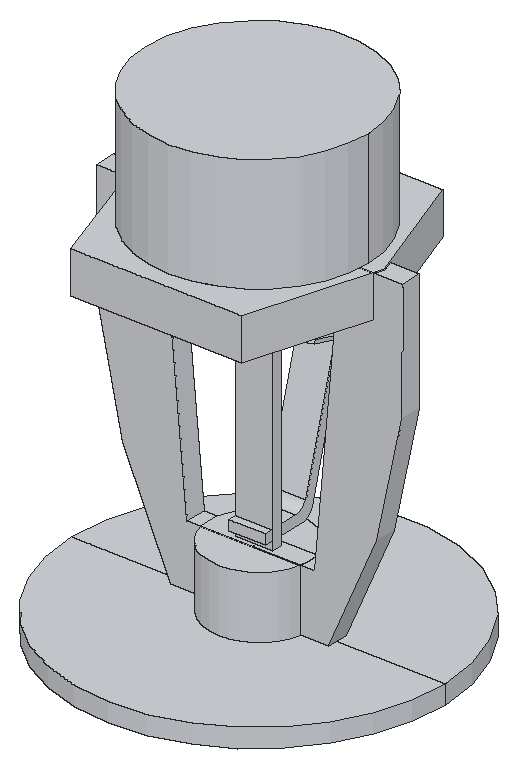
Revit family "P252", category Sprinklers, Revit 2022
Family settings
  Round Connector Dimension = Use Diameter
  Part Type = Normal
  OmniClass Number = 23.85.30.21
  OmniClass Title = Environmental Detection/Registration
  Work Plane-Based = No
  Always vertical = Yes
  Cut with Voids When Loaded = No
  Maintain Annotation Orientation = No
  Shared = No
  Room Calculation Point = No
Parameters (values of type "RASCO P25 ESFR PENDENT")
  Temperature Rating = 212 °F
  Response = Quick
  RASCO SIN # = "R602"
  RASCO Part # = "P252"
  Pressure Rating = "175 PSI"
  Pressure Class = Standard
  Orifice Size = 1"
  Orifice = Standard
  Model = "P25"
  Manufacturer = "RASCO"
  K-Factor = 25.2
  Description = "BRONZE FINISH"
  Default Elevation = 0' - 0"
  Coverage = Standard
Reference planes (in)
  plane 1 "Center (Front/Back)": y = 0
  plane 2: z = 0
  plane 3 "Center (Left/Right)": x = 0
Nested families (in)
  nested 1: "RASCO- P252" at (0.04986, -0.33503, 3.7699) x (-1, 0, 0) z (0, 0, -1), type "RASCO P25 ESFR PENDENT"
Connectors (in)
  piping at (0.04986, -0.33503, 3.7699), diameter 1.375
    settings: on nested 1, index 1, connector inside diameter 1 3/8", connector length 0' - 0", flow factor 0, pipe flow 0 GPM, pressure drop 0.00 psi, fitting loss kfactor 0, connector angle 0.00°, fixture units 0, engagement length 0' - 0", angle of deflection 0.00°, flow configuration 0, flow direction 0, fitting loss method 0, system type 7, joint type 0, gender type 0, connector reference index -1, connector utility 0, adjustable connector no, is connector primary yes, connector description ""
Definition of nested family "RASCO- P252"
  Parameters (values of type "RASCO P22 ESFR PENDENT")
    Type Comments = ""
    Temperature Rating = 0 °F
    Response = (empty or 0)
    Pressure Rating = "0"
    Pressure Class = (empty or 0)
    Orifice Size = 0"
    Orifice = (empty or 0)
    Model = ""
    Manufacturer = ""
    K-Factor = 0
    Description = ""
    Default Elevation = 0' - 0"
    Coverage = (empty or 0)
    Assembly Code = ""
  Reference planes (in)
    plane 1 "Center (Front/Back)": y = 0
    plane 2: z = 0
    plane 3 "ref.2": z = 0.6875
    plane 4 "ref.3": z = 0.9375
    plane 5: x = -0.38065
    plane 6: x = 0.36935
    plane 7 "ref. side 1": y = 0.06402
    plane 8 "ref. side 2": y = -0.06098
    plane 9 "ref.4": z = 2.6
    plane 10 "ref.5": z = 2.875
    plane 11 "center": x = -0.00574
    plane 12 "clip": through (0, 0.52703, 1.36085) normal (0, 0.2756, -0.9613)
  Forms (in)
    Extrusion 1, solid
      sketch origin (0, 0, 0) x (1, 0, 0) y (0, 1, 0)
        loop
          circle (0, 0) r 0.659
      from 0 to 0.6875
    Extrusion 2, solid
      sketch origin (-0.12185, 0.05177, 0.6875) x (1, 0, 0) y (0, 1, 0)
        loop
          line (-0.37766, 0.70082) -> (-0.6339, -0.05177) -> (-0.3889, -0.80818) -> (0.62234, -0.80818) -> (0.8661, -0.05177) -> (0.62234, 0.70082) -> (-0.37766, 0.70082)
      from 0 to 0.25
    Extrusion 3, solid
      sketch origin (0, 0, 0) x (1, 0, 0) y (0, 0, 1)
        loop
          line (-0.90843, 0.6875) -> (-0.51342, 0.6875) -> (-0.51342, 0.98724)
          arc (-0.51342, 0.98724) -> (-0.48204, 1.6933) -> (-0.38814, 2.39379) r 7.95835
          line (-0.38814, 2.39379) -> (0.37037, 2.39379)
          arc (0.37037, 2.39379) -> (0.46398, 1.71156) -> (0.49527, 1.02363) r 7.57793
          line (0.49527, 1.02363) -> (0.49527, 0.6875) -> (0.90386, 0.6875)
          arc (0.90386, 0.6875) -> (0.84273, 1.75883) -> (0.46543, 2.76338) r 3.56334
          line (0.46543, 2.76338) -> (-0.47158, 2.76338)
          arc (-0.47158, 2.76338) -> (-0.84808, 1.7587) -> (-0.90843, 0.6875) r 3.563
      from -0.06402 to 0.06098
    Extrusion 4, solid
      sketch origin (-0.00199, 0, 3.1625) x (-1, 0, 0) y (0, -1, 0)
        loop
          circle (0.00574, -0.00152) r 0.3
      from -0.76871 to -0.2875
    Revolve 5, solid
      sketch origin (-0.00076, 0, 0.43029) x (1, 0, 0) y (0, 0, 1)
        loop
          line (-0.19255, 2.33309) -> (-0.19255, 2.44471) -> (-0.34939, 2.44471) -> (-1.11507, 2.44471) -> (-1.11507, 2.33309) -> (-0.19255, 2.33309)
        axis (-0.00574, 2.33309) -> (-0.00574, 2.44471)
      angle from 0 to 360
    Extrusion 6, solid
      sketch origin (0, 0, 0.9375) x (-1, 0, 0) y (0, -1, 0)
        loop
          line (-0.10175, -0.02852) -> (0.11324, -0.02852) -> (0.11324, 0.03101) -> (-0.10175, 0.03101) -> (-0.10175, -0.02852)
      from 0 to 1.45629
    Extrusion 7, solid
      sketch origin (-0.00574, 0, 0) x (0, 0, -1) y (0, -1, 0)
        loop
          line (-2.34418, 0.08154) -> (-2.34418, -0.18975)
          arc (-2.34418, -0.18975) -> (-2.3294, -0.23392) -> (-2.29102, -0.2603) r 0.07339
          line (-2.29102, -0.2603) -> (-1.29471, -0.54599) -> (-1.27823, -0.48852) -> (-2.23088, -0.21535)
          arc (-2.23088, -0.21535) -> (-2.26901, -0.18915) -> (-2.28369, -0.14527) r 0.07291
          line (-2.28369, -0.14527) -> (-2.28369, 0.08154) -> (-2.34418, 0.08154)
      from -0.1075 to 0.1075
    Extrusion 8, solid
      sketch origin (0, -0.32053, 1.11781) x (0, 0.961262, 0.275637) y (1, 0, 0)
        loop
          line (0.84059, -0.34079) -> (0.916, -0.26539) -> (0.916, 0.24563) -> (0.84145, 0.32018) -> (0.33718, 0.32018) -> (0.26218, 0.24518) -> (0.26218, -0.26617) -> (0.3368, -0.34079) -> (0.84059, -0.34079)
      from -0.01906 to 0
  Cuts and joins
    joined: Extrusion 1, Extrusion 2, Revolve 5
